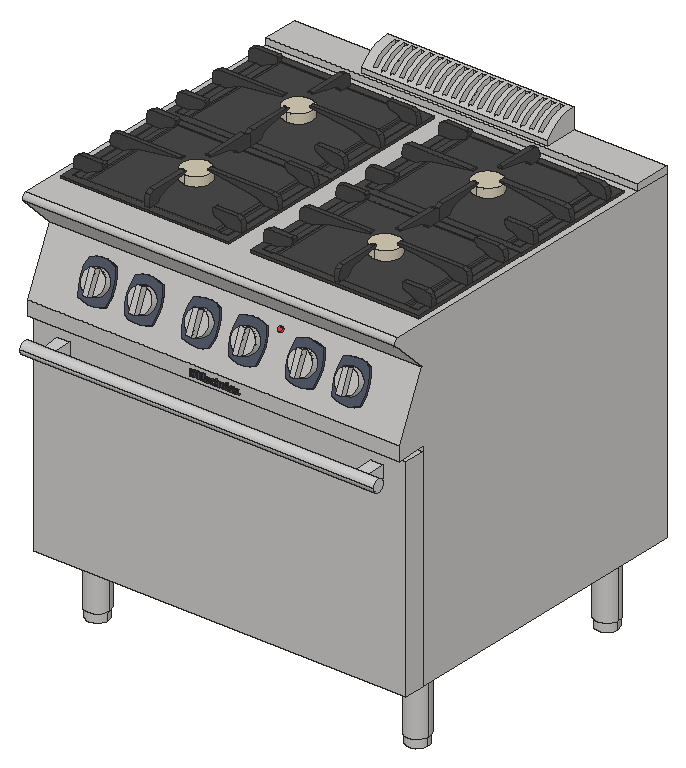
Revit family "QF_ELECTROLUXPROFESSIONAL_371169_E7GCGH4CEA", category Specialty Equipment, Revit 2018
Family settings
  Round Connector Dimension = Use Diameter
  Part Type = Normal
  Work Plane-Based = No
  Always vertical = Yes
  Cut with Voids When Loaded = No
  Shared = No
  Room Calculation Point = No
Parameters (values of type "Standard")
  Weight = 80.00 kg
  Watts = 0 W
  Volts = 380 V
  URL Manufacturer = "http://professional.electrolux.com"
  URL = "http://professional.electrolux.com"
  Steam Supply Size = 0"
  Steam Supply Minimum Pressure = 0.00 psi
  Steam Supply Maximum Pressure = 0.00 psi
  Steam Pounds per Hour = 0
  Show Logo [instance] = yes
  Show Clearance [instance] = yes
  Refrigeration Suction Line Size = 0 mm
  Refrigeration Liquid Line Size = 0 mm
  Refrigerant Compressor Remote = yes
  Phase = 3
  Model = "E7GCGH4CEA"
  Manufacturer = "Electrolux Professional"
  Length Actual = 800 mm  # constant formula
  Item Number = "371169"
  Hot Water Size = 0"
  Height Actual = 850 mm  # constant formula
  HP = "8 HP"
  Gas Size = 1/2"
  Gas KW = 22
  Gas Input Pressure = 0.738606 Btu/h
  Direct Waste Size = 0"
  Description = "4-BURNER GAS RANGE+ELECTR.OVEN 800MM-AUS"
  Depth Actual = 730 mm  # constant formula
  Cycle = 50 Hz
  Condensate Return Size = 0"
  Compressed Air Volume = 0 GPM
  Compressed Air Size = 0"
  Compressed Air Pressure = 0.00 psi
  Cold Water Size = 0"
  Assembly Code = ""
  Accessory = yes
Reference planes
  plane 1 "BACK": y = 0
  plane 2: z = 0
  plane 3 "LEFT": x = 0
  plane 4 "RIGHT": x = 800
  plane 5 "FRONT": y = -700
  plane 6 "TOP": z = 908.9
  plane 7 "Center Y": x = 400
  plane 8 "Center X": y = -350
  plane 9 "Base": z = 150
  plane 10: z = 850.9
  plane 11: y = -730.129
  plane 12: y = -1109
Forms (mm)
  Revolve 1, solid, material "QF_Finishes_Stainless Steel"
    sketch origin (1, -90, 0) x (1, 0, 0) y (0, 0, 1)
      loop
        line (55, 0) -> (55, 150) -> (29.6, 150) -> (29.6, 19.05) -> (32.1, 19.05) -> (32.1, 0) -> (55, 0)
      axis (55, 0) -> (55, 150)
    angle from 0 to 360
  Revolve 2, solid, material "QF_Finishes_Stainless Steel"
    sketch origin (1, -599.588, 0) x (1, 0, 0) y (0, 0, 1)
      loop
        line (55, 0) -> (55, 150) -> (29.6, 150) -> (29.6, 19.05) -> (32.1, 19.05) -> (32.1, 0) -> (55, 0)
      axis (55, 0) -> (55, 150)
    angle from 0 to 360
  Revolve 3, solid, material "QF_Finishes_Stainless Steel"
    sketch origin (799, -90, 0) x (-1, 0, 0) y (0, 0, -1)
      loop
        line (55, 0) -> (32.1, 0) -> (32.1, -19.05) -> (29.6, -19.05) -> (29.6, -150) -> (55, -150) -> (55, 0)
      axis (55, 0) -> (55, -150)
    angle from 0 to 360
  Revolve 4, solid, material "QF_Finishes_Stainless Steel"
    sketch origin (799, -599.588, 0) x (-1, 0, 0) y (0, 0, -1)
      loop
        line (55, 0) -> (32.1, 0) -> (32.1, -19.05) -> (29.6, -19.05) -> (29.6, -150) -> (55, -150) -> (55, 0)
      axis (55, 0) -> (55, -150)
    angle from 0 to 360
  Extrusion 5, solid, material "QF_Finishes_Stainless Steel"
    sketch origin (0, 0, 576.213) x (0, 1, 0) y (0, 0, 1)
      loop
        line (0, -426.213) -> (0, 274.687) -> (-721.5, 274.687)
        arc (-721.5, 274.687) -> (-729.472, 269.36) -> (-727.602, 259.956) r 8.63
        line (-727.602, 259.956) -> (-658.266, 190.62) -> (-715.962, 65.264) -> (-715.962, 33.966) -> (-655.839, 38.662)
        arc (-655.839, 38.662) -> (-653.314, 37.914) -> (-652.222, 35.518) r 3.175
        line (-652.222, 35.518) -> (-652.222, -426.213) -> (0, -426.213)
    from 0 to 800
  Extrusion 6, solid, material "QF_Finishes_Stainless Steel"
    sketch origin (0, -652.222, 611.731) x (0, 0, -1) y (1, 0, 0)
      loop
        line (461.731, 0) -> (461.731, 800) -> (9.61, 800) -> (9.61, 0) -> (461.731, 0)
    from 3.175 to 47.778
  Extrusion 7, solid, material "QF_Finishes_Handrails and Railings"
    sketch origin (0, 0, 0) x (0, 1, 0) y (0, 0, 1)
      loop
        line (-700, 580.001) -> (-738.678, 577.296)
        arc (-738.678, 577.296) -> (-739.871, 563.489) -> (-752.981, 558.993) r 12.7
        arc (-752.981, 558.993) -> (-752.44, 558.176) -> (-751.841, 557.401) r 13.441
        arc (-751.841, 557.401) -> (-750.036, 555.955) -> (-747.808, 555.335) r 5.77
        line (-747.808, 555.335) -> (-700, 551.992) -> (-700, 580.001)
    from 50.8 to 76.2
  Extrusion 8, solid, material "QF_Finishes_Handrails and Railings"
    sketch origin (800, 0, 0) x (0, 1, 0) y (0, 0, -1)
      loop
        line (-700, -580.001) -> (-700, -551.992) -> (-747.808, -555.335)
        arc (-747.808, -555.335) -> (-750.036, -555.955) -> (-751.841, -557.401) r 5.77
        arc (-751.841, -557.401) -> (-752.44, -558.176) -> (-752.981, -558.993) r 13.441
        arc (-752.981, -558.993) -> (-739.871, -563.489) -> (-738.678, -577.296) r 12.7
        line (-738.678, -577.296) -> (-700, -580.001)
    from 50.8 to 76.2
  Extrusion 9, solid, material "QF_Finishes_Handrails and Railings"
    sketch origin (0, 0, 0) x (0, 1, 0) y (0, 0, 1)
      loop
        circle (-749.878, 571.309) r 12.7
    from 19.875 to 780.125
  Extrusion 10, solid, material "QF_Finishes_Stainless Steel"
    sketch origin (0, 0, 576.213) x (0, 1, 0) y (0, 0, 1)
      loop
        line (0, 274.687) -> (0, 288.975) -> (-76.2, 288.975) -> (-76.2, 274.687) -> (0, 274.687)
    from 0 to 800
  Extrusion 11, solid, material "QF_Finishes_Navy Blue"
    sketch origin (7.744, -713.772, 646.186) x (0, 0.418102, 0.9084) y (-1, 0, 0)
      loop
        arc (102.623, -190.47) -> (67.041, -182.846) -> (31.333, -189.853) r 90.5
        arc (31.333, -189.853) -> (24.507, -219.04) -> (31.333, -248.228) r 65.817
        arc (31.333, -248.228) -> (67.04, -255.188) -> (102.623, -247.615) r 91.066
        arc (102.623, -247.615) -> (109.179, -219.043) -> (102.623, -190.47) r 65.546
      loop
        arc (102.623, -90.47) -> (67.041, -82.846) -> (31.333, -89.853) r 90.5
        arc (31.333, -89.853) -> (24.507, -119.04) -> (31.333, -148.228) r 65.817
        arc (31.333, -148.228) -> (67.04, -155.188) -> (102.623, -147.615) r 91.066
        arc (102.623, -147.615) -> (109.179, -119.043) -> (102.623, -90.47) r 65.546
      loop
        arc (102.623, -594.043) -> (109.179, -565.47) -> (102.623, -536.897) r 65.546
        arc (102.623, -536.897) -> (67.04, -529.324) -> (31.333, -536.284) r 91.066
        arc (31.333, -536.284) -> (24.507, -565.472) -> (31.333, -594.66) r 65.817
        arc (31.333, -594.66) -> (67.041, -601.667) -> (102.623, -594.043) r 90.5
      loop
        arc (102.623, -694.043) -> (109.179, -665.47) -> (102.623, -636.897) r 65.546
        arc (102.623, -636.897) -> (67.04, -629.324) -> (31.333, -636.284) r 91.066
        arc (31.333, -636.284) -> (24.507, -665.472) -> (31.333, -694.66) r 65.817
        arc (31.333, -694.66) -> (67.041, -701.667) -> (102.623, -694.043) r 90.5
      loop
        arc (102.623, -413.686) -> (67.041, -406.061) -> (31.333, -413.069) r 90.5
        arc (31.333, -413.069) -> (24.507, -442.256) -> (31.333, -471.444) r 65.817
        arc (31.333, -471.444) -> (67.04, -478.404) -> (102.623, -470.831) r 91.066
        arc (102.623, -470.831) -> (109.179, -442.259) -> (102.623, -413.686) r 65.546
      loop
        arc (102.623, -313.686) -> (67.041, -306.061) -> (31.333, -313.069) r 90.5
        arc (31.333, -313.069) -> (24.507, -342.256) -> (31.333, -371.444) r 65.817
        arc (31.333, -371.444) -> (67.04, -378.404) -> (102.623, -370.831) r 91.066
        arc (102.623, -370.831) -> (109.179, -342.259) -> (102.623, -313.686) r 65.546
    from 0 to 3.175
  Extrusion 12, solid, material "QF_Finishes_Stainless Steel"
    sketch origin (386.494, -717.485, 645.711) x (0, 0.418102, 0.9084) y (-1, 0, 0)
      loop
        circle (68.826, 159.037) r 25.4
      loop
        circle (68.826, 259.037) r 25.4
      loop
        circle (68.826, -186.049) r 25.4
      loop
        circle (68.826, -286.049) r 25.4
      loop
        circle (68.826, -63.463) r 25.4
      loop
        circle (68.826, 36.537) r 25.4
    from 0 to 12.7
  Extrusion 13, solid, material "QF_Finishes_Stainless Steel"
    sketch origin (0, 0, 150) x (-1, 0, 0) y (0, -1, 0)
      loop
        circle (-747.612, 464) r 6.35
    from -8.815 to 7.722
  Extrusion 14, solid, material "QF_Finishes_Door Clearance", visible <- "Show Clearance", detail levels coarse
    sketch origin (0, 0, 0) x (0, 1, 0) y (0, 0, 1)
      loop
        line (-1109, 150) -> (-700, 150) -> (-700, 601.405)
        arc (-700, 601.405) -> (-991.543, 454.568) -> (-1109, 150) r 453.603
    from 0 to 800
  Extrusion 15, solid, material "QF_Finishes_Clearance", visible <- "Show Clearance", detail levels coarse
    sketch origin (0, 0, 0) x (1, 0, 0) y (0, 1, 0)
      loop
        line (-150, -730.129) -> (0, -730.129) -> (0, 0) -> (800, 0) -> (800, -730.129) -> (950, -730.129) -> (950, 150) -> (-150, 150) -> (-150, -730.129)
    from 0 to 908.85
  Extrusion 16, solid, material "QF_Finishes_Stainless Steel"
    sketch origin (66.494, -729.022, 651.021) x (0, 0.418102, 0.9084) y (-1, 0, 0)
      loop
        arc (93.558, -166.749) -> (94.226, -160.963) -> (93.558, -155.177) r 25.4
        line (93.558, -155.177) -> (44.094, -155.177)
        arc (44.094, -155.177) -> (43.426, -160.963) -> (44.094, -166.749) r 25.4
        line (44.094, -166.749) -> (93.558, -166.749)
    from 0 to 12.7
  Extrusion 17, solid, material "QF_Finishes_Stainless Steel"
    sketch origin (-33.506, -729.022, 651.021) x (0, 0.418102, 0.9084) y (-1, 0, 0)
      loop
        arc (93.558, -166.749) -> (94.226, -160.963) -> (93.558, -155.177) r 25.4
        line (93.558, -155.177) -> (44.094, -155.177)
        arc (44.094, -155.177) -> (43.426, -160.963) -> (44.094, -166.749) r 25.4
        line (44.094, -166.749) -> (93.558, -166.749)
    from 0 to 12.7
  Extrusion 18, void
    sketch origin (-65.011, 0, 865.138) x (-1, 0, 0) y (0, -1, 0)
      loop
        line (-295.005, 6.761) -> (-285.709, 6.761) -> (-285.709, 63.911) -> (-295.005, 63.911) -> (-295.005, 6.761)
      loop
        line (-313.697, 6.761) -> (-304.401, 6.761) -> (-304.401, 63.911) -> (-313.697, 63.911) -> (-313.697, 6.761)
      loop
        line (-332.39, 6.761) -> (-323.094, 6.761) -> (-323.094, 63.911) -> (-332.39, 63.911) -> (-332.39, 6.761)
      loop
        line (-351.082, 6.761) -> (-341.787, 6.761) -> (-341.787, 63.911) -> (-351.082, 63.911) -> (-351.082, 6.761)
      loop
        line (-369.775, 6.761) -> (-360.479, 6.761) -> (-360.479, 63.911) -> (-369.775, 63.911) -> (-369.775, 6.761)
      loop
        line (-388.468, 6.761) -> (-379.172, 6.761) -> (-379.172, 63.911) -> (-388.468, 63.911) -> (-388.468, 6.761)
      loop
        line (-407.16, 6.761) -> (-397.864, 6.761) -> (-397.864, 63.911) -> (-407.16, 63.911) -> (-407.16, 6.761)
      loop
        line (-425.853, 6.761) -> (-416.557, 6.761) -> (-416.557, 63.911) -> (-425.853, 63.911) -> (-425.853, 6.761)
      loop
        line (-444.545, 6.761) -> (-435.25, 6.761) -> (-435.25, 63.911) -> (-444.545, 63.911) -> (-444.545, 6.761)
      loop
        line (-463.238, 6.761) -> (-453.942, 6.761) -> (-453.942, 63.911) -> (-463.238, 63.911) -> (-463.238, 6.761)
      loop
        line (-481.931, 6.761) -> (-472.635, 6.761) -> (-472.635, 63.911) -> (-481.931, 63.911) -> (-481.931, 6.761)
      loop
        line (-500.623, 6.761) -> (-491.328, 6.761) -> (-491.328, 63.911) -> (-500.623, 63.911) -> (-500.623, 6.761)
      loop
        line (-519.316, 6.761) -> (-510.02, 6.761) -> (-510.02, 63.911) -> (-519.316, 63.911) -> (-519.316, 6.761)
      loop
        line (-538.008, 6.761) -> (-528.713, 6.761) -> (-528.713, 63.911) -> (-538.008, 63.911) -> (-538.008, 6.761)
      loop
        line (-556.701, 6.761) -> (-547.405, 6.761) -> (-547.405, 63.911) -> (-556.701, 63.911) -> (-556.701, 6.761)
      loop
        line (-575.394, 6.761) -> (-566.098, 6.761) -> (-566.098, 63.911) -> (-575.394, 63.911) -> (-575.394, 6.761)
      loop
        line (-594.086, 6.761) -> (-584.791, 6.761) -> (-584.791, 63.911) -> (-594.086, 63.911) -> (-594.086, 6.761)
      loop
        line (-612.779, 6.761) -> (-603.483, 6.761) -> (-603.483, 63.911) -> (-612.779, 63.911) -> (-612.779, 6.761)
      loop
        line (-631.472, 6.761) -> (-622.176, 6.761) -> (-622.176, 63.911) -> (-631.472, 63.911) -> (-631.472, 6.761)
      loop
        line (-650.164, 6.761) -> (-640.868, 6.761) -> (-640.868, 63.911) -> (-650.164, 63.911) -> (-650.164, 6.761)
    from 9.525 to 45.348
  Extrusion 19, solid, material "QF_Finishes_Stainless Steel"
    sketch origin (-200, 0, 590.5) x (0, 1, 0) y (0, 0, 1)
      loop
        line (0, 274.688) -> (0, 318.4)
        arc (0, 318.4) -> (-39.072, 309.779) -> (-69.85, 284.212) r 84.854
        line (-69.85, 284.212) -> (-69.85, 274.688) -> (0, 274.688)
    from 400 to 800
  Extrusion 20, solid, material "QF_Finishes_Stainless Steel"
    sketch origin (733.506, -729.022, 651.021) x (0, 0.418102, 0.9084) y (-1, 0, 0)
      loop
        line (93.558, 166.749) -> (44.094, 166.749)
        arc (44.094, 166.749) -> (43.426, 160.963) -> (44.094, 155.177) r 25.4
        line (44.094, 155.177) -> (93.558, 155.177)
        arc (93.558, 155.177) -> (94.226, 160.963) -> (93.558, 166.749) r 25.4
    from 0 to 12.7
  Extrusion 21, solid, material "QF_Finishes_Stainless Steel"
    sketch origin (833.506, -729.022, 651.021) x (0, 0.418102, 0.9084) y (-1, 0, 0)
      loop
        line (93.558, 166.749) -> (44.094, 166.749)
        arc (44.094, 166.749) -> (43.426, 160.963) -> (44.094, 155.177) r 25.4
        line (44.094, 155.177) -> (93.558, 155.177)
        arc (93.558, 155.177) -> (94.226, 160.963) -> (93.558, 166.749) r 25.4
    from 0 to 12.7
  Extrusion 22, solid, material "QF_Finishes_Stainless Steel"
    sketch origin (288.994, -729.022, 651.021) x (0, 0.418102, 0.9084) y (-1, 0, 0)
      loop
        arc (93.558, -166.749) -> (94.226, -160.963) -> (93.558, -155.177) r 25.4
        line (93.558, -155.177) -> (44.094, -155.177)
        arc (44.094, -155.177) -> (43.426, -160.963) -> (44.094, -166.749) r 25.4
        line (44.094, -166.749) -> (93.558, -166.749)
    from 0 to 12.7
  Extrusion 23, solid, material "QF_Finishes_Stainless Steel"
    sketch origin (188.994, -729.022, 651.021) x (0, 0.418102, 0.9084) y (-1, 0, 0)
      loop
        arc (93.558, -166.749) -> (94.226, -160.963) -> (93.558, -155.177) r 25.4
        line (93.558, -155.177) -> (44.094, -155.177)
        arc (44.094, -155.177) -> (43.426, -160.963) -> (44.094, -166.749) r 25.4
        line (44.094, -166.749) -> (93.558, -166.749)
    from 0 to 12.7
  Extrusion 24, solid, material "QF_Finishes_Red"
    sketch origin (0, -658.266, 766.833) x (0, -0.418102, -0.9084) y (1, 0, 0)
      loop
        circle (27.385, 506.659) r 5
    from 0 to 1.6
  Extrusion 25, solid, material "QF_Finishes_Stainless Steel"
    sketch origin (0, -50, 150) x (-1, 0, 0) y (0, -1, 0)
      loop
        circle (-747.612, 464) r 3.175
    from -1.912 to 7.722
  Extrusion 26, solid, material "QF_Finishes_Navy Blue", visible <- "Show Logo"
    sketch origin (61.109, -715.962, 610.773) x (0, 0, 1) y (-1, 0, 0)
      loop
        line (20.674, -296.698) -> (8.307, -296.698)
        arc (8.307, -296.698) -> (14.491, -301.27) -> (20.674, -296.698) r 6.467
      loop
        arc (20.674, -296.069) -> (19.505, -290.926) -> (14.849, -288.448) r 6.338
        line (14.849, -288.448) -> (14.849, -290.494)
        arc (14.849, -290.494) -> (16.333, -294.149) -> (19.778, -296.069) r 5.941
        line (19.778, -296.069) -> (20.674, -296.069)
      loop
        arc (9.203, -296.069) -> (12.648, -294.149) -> (14.132, -290.494) r 5.941
        line (14.132, -290.494) -> (14.132, -288.448)
        arc (14.132, -288.448) -> (9.438, -290.922) -> (8.148, -296.069) r 6.504
        line (8.148, -296.069) -> (9.203, -296.069)
      loop
        line (21.349, -287.979) -> (7.604, -287.979) -> (7.604, -301.742) -> (21.349, -301.742) -> (21.349, -287.979)
      loop
        arc (21.432, -304.71) -> (21.085, -304.352) -> (20.718, -304.69) r 0.358
        arc (20.718, -304.69) -> (20.404, -305.44) -> (19.687, -305.825) r 1.216
        line (19.687, -305.825) -> (9.274, -305.825)
        arc (9.274, -305.825) -> (8.614, -305.548) -> (8.218, -304.951) r 1.238
        arc (8.218, -304.951) -> (7.823, -304.7) -> (7.518, -305.054) r 0.358
        line (7.518, -305.054) -> (7.518, -314.933) -> (10.269, -314.933) -> (10.269, -314.036)
        arc (10.269, -314.036) -> (9.36, -313.456) -> (8.904, -312.479) r 1.928
        line (8.904, -312.479) -> (8.904, -309.98)
        arc (8.904, -309.98) -> (9.18, -309.251) -> (9.868, -308.887) r 1.101
        line (9.868, -308.887) -> (13.955, -308.887) -> (13.955, -312.561)
        arc (13.955, -312.561) -> (13.602, -313.058) -> (13.037, -313.286) r 1.083
        arc (13.037, -313.286) -> (12.773, -313.591) -> (13.065, -313.869) r 0.292
        line (13.065, -313.869) -> (16.028, -313.869)
        arc (16.028, -313.869) -> (16.33, -313.596) -> (16.092, -313.266) r 0.305
        arc (16.092, -313.266) -> (15.601, -313.018) -> (15.296, -312.561) r 1.083
        line (15.296, -312.561) -> (15.296, -308.887) -> (19.973, -308.887) -> (19.973, -312.635)
        arc (19.973, -312.635) -> (19.759, -313.39) -> (19.153, -313.888) r 1.314
        arc (19.153, -313.888) -> (18.934, -314.292) -> (19.288, -314.585) r 0.361
        line (19.288, -314.585) -> (21.432, -314.585) -> (21.432, -304.71)
      loop
        arc (20.715, -315.365) -> (20.335, -316.284) -> (19.416, -316.664) r 1.299
        line (19.416, -316.664) -> (9.837, -316.664)
        arc (9.837, -316.664) -> (8.999, -316.286) -> (8.728, -315.408) r 1.118
        line (8.728, -315.408) -> (7.518, -315.408) -> (7.518, -320.758) -> (8.706, -320.758)
        arc (8.706, -320.758) -> (8.978, -319.841) -> (9.848, -319.445) r 1.153
        line (9.848, -319.445) -> (21.92, -319.445) -> (20.715, -315.365)
      loop
        line (12.483, -323.394) -> (12.483, -329.842) -> (13.282, -329.842)
        arc (13.282, -329.842) -> (15.862, -328.857) -> (17.131, -326.404) r 3.874
        line (17.131, -326.404) -> (17.131, -324.643)
        arc (17.131, -324.643) -> (15.944, -321.778) -> (13.08, -320.592) r 4.051
        line (13.08, -320.592) -> (11.072, -320.592)
        arc (11.072, -320.592) -> (8.253, -322.077) -> (7.202, -325.084) r 4.352
        arc (7.202, -325.084) -> (7.566, -327.547) -> (8.943, -329.621) r 5.713
        line (8.943, -329.621) -> (9.892, -329.621)
        arc (9.892, -329.621) -> (9.16, -328.052) -> (8.943, -326.334) r 5.579
        arc (8.943, -326.334) -> (9.737, -324.371) -> (11.616, -323.394) r 3.057
        line (11.616, -323.394) -> (12.483, -323.394)
      loop
        line (13.742, -323.394) -> (13.742, -326.977)
        arc (13.742, -326.977) -> (15.199, -327.024) -> (16.082, -325.864) r 1.59
        line (16.082, -325.864) -> (16.082, -325.034)
        arc (16.082, -325.034) -> (15.217, -323.779) -> (13.742, -323.394) r 2.184
      loop
        arc (16.533, -339.259) -> (17.022, -337.585) -> (17.179, -335.848) r 9.023
        line (17.179, -335.848) -> (17.179, -334.486)
        arc (17.179, -334.486) -> (16.02, -331.686) -> (13.22, -330.527) r 3.959
        line (13.22, -330.527) -> (10.62, -330.527)
        arc (10.62, -330.527) -> (8.338, -331.819) -> (7.221, -334.192) r 4.331
        line (7.221, -334.192) -> (7.221, -336.327)
        arc (7.221, -336.327) -> (7.729, -337.877) -> (8.651, -339.223) r 5.772
        arc (8.651, -339.223) -> (9.412, -339.274) -> (9.499, -338.515) r 0.553
        arc (9.499, -338.515) -> (9.111, -337.781) -> (8.977, -336.962) r 2.573
        line (8.977, -336.962) -> (8.977, -335.447)
        arc (8.977, -335.447) -> (9.983, -333.806) -> (11.798, -333.163) r 2.884
        line (11.798, -333.163) -> (13.077, -333.163)
        arc (13.077, -333.163) -> (14.898, -333.723) -> (15.824, -335.388) r 2.554
        line (15.824, -335.388) -> (15.824, -336.441)
        arc (15.824, -336.441) -> (15.493, -337.369) -> (14.836, -338.104) r 2.564
        arc (14.836, -338.104) -> (14.614, -338.821) -> (15.223, -339.259) r 0.643
        line (15.223, -339.259) -> (16.533, -339.259)
      loop
        line (15.515, -339.53) -> (15.515, -341.031) -> (9.467, -341.031)
        arc (9.467, -341.031) -> (7.879, -341.688) -> (7.221, -343.276) r 2.246
        line (7.221, -343.276) -> (7.221, -344.86)
        arc (7.221, -344.86) -> (7.535, -345.725) -> (8.035, -346.496) r 4.06
        arc (8.035, -346.496) -> (8.768, -346.629) -> (9.019, -345.928) r 0.576
        arc (9.019, -345.928) -> (8.913, -345.403) -> (8.977, -344.87) r 1.69
        arc (8.977, -344.87) -> (9.519, -344.082) -> (10.425, -343.779) r 1.506
        line (10.425, -343.779) -> (15.563, -343.779) -> (15.563, -346.176) -> (16.119, -346.733) -> (16.941, -346.733) -> (16.941, -343.873) -> (20.172, -343.873) -> (15.515, -339.53)
      loop
        line (7.438, -347.63) -> (7.438, -353.017) -> (8.548, -353.017)
        arc (8.548, -353.017) -> (8.942, -352.066) -> (9.893, -351.672) r 1.345
        line (9.893, -351.672) -> (13.509, -351.672)
        arc (13.509, -351.672) -> (14.274, -352.264) -> (14.564, -353.186) r 1.615
        line (14.564, -353.186) -> (14.564, -354.742) -> (17.119, -355.427) -> (17.119, -354.044) -> (15.177, -351.485) -> (17.057, -351.485) -> (16.773, -348.779)
        arc (16.773, -348.779) -> (16.333, -348.249) -> (15.674, -348.45) r 0.621
        arc (15.674, -348.45) -> (15.274, -348.792) -> (14.78, -348.975) r 1.501
        line (14.78, -348.975) -> (9.893, -348.975)
        arc (9.893, -348.975) -> (8.942, -348.581) -> (8.548, -347.63) r 1.345
        line (8.548, -347.63) -> (7.438, -347.63)
      loop
        line (13.54, -354.964) -> (10.848, -354.964)
        arc (10.848, -354.964) -> (8.403, -356.272) -> (7.269, -358.803) r 4.288
        arc (7.269, -358.803) -> (7.205, -360.183) -> (7.269, -361.563) r 15.022
        arc (7.269, -361.563) -> (8.403, -364.094) -> (10.848, -365.401) r 4.288
        line (10.848, -365.401) -> (13.54, -365.401)
        arc (13.54, -365.401) -> (15.986, -364.094) -> (17.119, -361.563) r 4.288
        arc (17.119, -361.563) -> (17.183, -360.183) -> (17.119, -358.803) r 15.022
        arc (17.119, -358.803) -> (15.986, -356.272) -> (13.54, -354.964) r 4.288
      loop
        line (13.745, -358.078) -> (10.643, -358.078)
        arc (10.643, -358.078) -> (8.486, -360.235) -> (10.643, -362.392) r 2.157
        line (10.643, -362.392) -> (13.745, -362.392)
        arc (13.745, -362.392) -> (15.902, -360.235) -> (13.745, -358.078) r 2.157
      loop
        arc (20.726, -365.26) -> (20.355, -366.154) -> (19.461, -366.524) r 1.264
        line (19.461, -366.524) -> (9.597, -366.524)
        arc (9.597, -366.524) -> (8.727, -366.127) -> (8.455, -365.211) r 1.153
        line (8.455, -365.211) -> (7.518, -365.211) -> (7.518, -370.319) -> (8.446, -370.319)
        arc (8.446, -370.319) -> (8.805, -369.547) -> (9.597, -369.232) r 1.153
        line (9.597, -369.232) -> (21.92, -369.232) -> (20.726, -365.26)
      loop
        arc (15.846, -369.857) -> (15.647, -370.921) -> (14.678, -371.403) r 1.215
        line (14.678, -371.403) -> (9.658, -371.403)
        arc (9.658, -371.403) -> (8.043, -372.051) -> (7.322, -373.634) r 2.338
        line (7.322, -373.634) -> (7.322, -375.148)
        arc (7.322, -375.148) -> (7.497, -376.152) -> (7.999, -377.038) r 2.979
        line (7.999, -377.038) -> (7.518, -378.835) -> (7.518, -380.524) -> (16.943, -380.524) -> (16.649, -376.32) -> (15.863, -376.32)
        arc (15.863, -376.32) -> (15.507, -377.156) -> (14.755, -377.665) r 1.605
        line (14.755, -377.665) -> (9.652, -377.665)
        arc (9.652, -377.665) -> (9.232, -376.728) -> (9.159, -375.704) r 2.94
        arc (9.159, -375.704) -> (9.72, -374.603) -> (10.873, -374.16) r 1.724
        line (10.873, -374.16) -> (17.07, -374.16) -> (15.846, -369.857)
      loop
        line (16.874, -381.377) -> (15.202, -383.423) -> (12.028, -385.729) -> (8.572, -382.617)
        arc (8.572, -382.617) -> (8.335, -382.223) -> (8.357, -381.764) r 0.789
        line (8.357, -381.764) -> (7.518, -381.764) -> (7.518, -385.309) -> (8.344, -385.309)
        arc (8.344, -385.309) -> (8.686, -384.947) -> (9.176, -385.039) r 0.52
        line (9.176, -385.039) -> (10.976, -386.51) -> (8.858, -387.886)
        arc (8.858, -387.886) -> (8.457, -387.576) -> (8.37, -387.076) r 0.7
        line (8.37, -387.076) -> (7.518, -387.076) -> (7.518, -393.003) -> (8.405, -393.003)
        arc (8.405, -393.003) -> (8.472, -392.344) -> (8.866, -391.813) r 1.247
        line (8.866, -391.813) -> (13.066, -388.532) -> (15.513, -390.585) -> (16.874, -392.327) -> (16.874, -388.604) -> (15.389, -389.026) -> (13.868, -387.749) -> (15.568, -386.559) -> (16.874, -387.336) -> (16.874, -381.377)
    from 0 to 1.644
Cuts and joins
  Extrusion 18 cuts Extrusion 15
  Extrusion 18 cuts Extrusion 19
Lines and regions (mm)
  symbolic lines, style "QF-Door Swings"
    curve 1: line (0, -730.129, 150) -> (0, -1109, 150)
    curve 2: line (0, -1109, 150) -> (800, -1109, 150)
    curve 3: line (800, -1109, 150) -> (800, -730.129, 150)
  symbolic lines
    curve 4: line (800, -730.129, 150) -> (0, -730.129, 150)
    curve 5: line (0, 0, 150) -> (0, -730.129, 150)
    curve 6: line (0, -69.85, 150) -> (800, -69.85, 150)
    curve 7: line (0, -76.2, 150) -> (800, -76.2, 150)
    curve 8: line (800, -730.129, 150) -> (800, 0, 150)
    curve 9: line (0, 0, 150) -> (800, 0, 150)
    curve 13: line (50.8, -738.678, 150) -> (50.8, -730.129, 150)
    curve 14: line (76.2, -730.129, 150) -> (76.2, -738.678, 150)
    curve 15: line (19.875, -737.178, 150) -> (50.8, -737.178, 150)
    curve 16: line (19.875, -762.578, 150) -> (19.875, -737.178, 150)
    curve 17: line (780.125, -762.578, 150) -> (19.875, -762.578, 150)
    curve 18: line (780.125, -737.178, 150) -> (780.125, -762.578, 150)
    curve 19: line (749.2, -738.678, 150) -> (749.2, -730.129, 150)
    curve 20: line (723.8, -738.678, 150) -> (723.8, -730.129, 150)
    curve 21: line (723.8, -738.678, 150) -> (749.2, -738.678, 150)
    curve 22: line (50.8, -738.678, 150) -> (76.2, -738.678, 150)
    curve 23: line (76.2, -737.178, 150) -> (723.8, -737.178, 150)
    curve 24: line (749.2, -737.178, 150) -> (780.125, -737.178, 150)
    curve 25: line (229.994, -6.761, 150) -> (229.994, -63.911, 150)
    curve 26: line (229.994, -63.911, 150) -> (220.698, -63.911, 150)
    curve 27: line (220.698, -63.911, 150) -> (220.698, -6.761, 150)
    curve 28: line (220.698, -6.761, 150) -> (229.994, -6.761, 150)
    curve 29: line (435.612, -6.761, 150) -> (435.612, -63.911, 150)
    curve 30: line (435.612, -63.911, 150) -> (426.317, -63.911, 150)
    curve 31: line (426.317, -63.911, 150) -> (426.317, -6.761, 150)
    curve 32: line (426.317, -6.761, 150) -> (435.612, -6.761, 150)
    curve 33: line (416.92, -6.761, 150) -> (416.92, -63.911, 150)
    curve 34: line (416.92, -63.911, 150) -> (407.624, -63.911, 150)
    curve 35: line (407.624, -63.911, 150) -> (407.624, -6.761, 150)
    curve 36: line (407.624, -6.761, 150) -> (416.92, -6.761, 150)
    curve 37: line (398.227, -6.761, 150) -> (398.227, -63.911, 150)
    curve 38: line (398.227, -63.911, 150) -> (388.931, -63.911, 150)
    curve 39: line (388.931, -63.911, 150) -> (388.931, -6.761, 150)
    curve 40: line (388.931, -6.761, 150) -> (398.227, -6.761, 150)
    curve 41: line (379.534, -6.761, 150) -> (379.534, -63.911, 150)
    curve 42: line (379.534, -63.911, 150) -> (370.239, -63.911, 150)
    curve 43: line (370.239, -63.911, 150) -> (370.239, -6.761, 150)
    curve 44: line (370.239, -6.761, 150) -> (379.534, -6.761, 150)
    curve 45: line (360.842, -6.761, 150) -> (360.842, -63.911, 150)
    curve 46: line (360.842, -63.911, 150) -> (351.546, -63.911, 150)
    curve 47: line (351.546, -63.911, 150) -> (351.546, -6.761, 150)
    curve 48: line (351.546, -6.761, 150) -> (360.842, -6.761, 150)
    curve 49: line (342.149, -6.761, 150) -> (342.149, -63.911, 150)
    curve 50: line (342.149, -63.911, 150) -> (332.854, -63.911, 150)
    curve 51: line (332.854, -63.911, 150) -> (332.854, -6.761, 150)
    curve 52: line (332.854, -6.761, 150) -> (342.149, -6.761, 150)
    curve 53: line (323.457, -6.761, 150) -> (323.457, -63.911, 150)
    curve 54: line (323.457, -63.911, 150) -> (314.161, -63.911, 150)
    curve 55: line (314.161, -63.911, 150) -> (314.161, -6.761, 150)
    curve 56: line (314.161, -6.761, 150) -> (323.457, -6.761, 150)
    curve 57: line (304.764, -6.761, 150) -> (304.764, -63.911, 150)
    curve 58: line (304.764, -63.911, 150) -> (295.468, -63.911, 150)
    curve 59: line (295.468, -63.911, 150) -> (295.468, -6.761, 150)
    curve 60: line (295.468, -6.761, 150) -> (304.764, -6.761, 150)
    curve 61: line (286.071, -6.761, 150) -> (286.071, -63.911, 150)
    curve 62: line (286.071, -63.911, 150) -> (276.776, -63.911, 150)
    curve 63: line (276.776, -63.911, 150) -> (276.776, -6.761, 150)
    curve 64: line (276.776, -6.761, 150) -> (286.071, -6.761, 150)
    curve 65: line (267.379, -6.761, 150) -> (267.379, -63.911, 150)
    curve 66: line (267.379, -63.911, 150) -> (258.083, -63.911, 150)
    curve 67: line (258.083, -63.911, 150) -> (258.083, -6.761, 150)
    curve 68: line (258.083, -6.761, 150) -> (267.379, -6.761, 150)
    curve 69: line (248.686, -6.761, 150) -> (248.686, -63.911, 150)
    curve 70: line (248.686, -63.911, 150) -> (239.39, -63.911, 150)
    curve 71: line (239.39, -63.911, 150) -> (239.39, -6.761, 150)
    curve 72: line (239.39, -6.761, 150) -> (248.686, -6.761, 150)
    curve 73: line (585.153, -6.761, 150) -> (585.153, -63.911, 150)
    curve 74: line (585.153, -63.911, 150) -> (575.857, -63.911, 150)
    curve 75: line (575.857, -63.911, 150) -> (575.857, -6.761, 150)
    curve 76: line (575.857, -6.761, 150) -> (585.153, -6.761, 150)
    curve 77: line (566.461, -6.761, 150) -> (566.461, -63.911, 150)
    curve 78: line (566.461, -63.911, 150) -> (557.165, -63.911, 150)
    curve 79: line (557.165, -63.911, 150) -> (557.165, -6.761, 150)
    curve 80: line (557.165, -6.761, 150) -> (566.461, -6.761, 150)
    curve 81: line (547.768, -6.761, 150) -> (547.768, -63.911, 150)
    curve 82: line (547.768, -63.911, 150) -> (538.472, -63.911, 150)
    curve 83: line (538.472, -63.911, 150) -> (538.472, -6.761, 150)
    curve 84: line (538.472, -6.761, 150) -> (547.768, -6.761, 150)
    curve 85: line (529.075, -6.761, 150) -> (529.075, -63.911, 150)
    curve 86: line (529.075, -63.911, 150) -> (519.78, -63.911, 150)
    curve 87: line (519.78, -63.911, 150) -> (519.78, -6.761, 150)
    curve 88: line (519.78, -6.761, 150) -> (529.075, -6.761, 150)
    curve 89: line (510.383, -6.761, 150) -> (510.383, -63.911, 150)
    curve 90: line (510.383, -63.911, 150) -> (501.087, -63.911, 150)
    curve 91: line (501.087, -63.911, 150) -> (501.087, -6.761, 150)
    curve 92: line (501.087, -6.761, 150) -> (510.383, -6.761, 150)
    curve 93: line (491.69, -6.761, 150) -> (491.69, -63.911, 150)
    curve 94: line (491.69, -63.911, 150) -> (482.394, -63.911, 150)
    curve 95: line (482.394, -63.911, 150) -> (482.394, -6.761, 150)
    curve 96: line (482.394, -6.761, 150) -> (491.69, -6.761, 150)
    curve 97: line (472.998, -6.761, 150) -> (472.998, -63.911, 150)
    curve 98: line (472.998, -63.911, 150) -> (463.702, -63.911, 150)
    curve 99: line (463.702, -63.911, 150) -> (463.702, -6.761, 150)
    curve 100: line (463.702, -6.761, 150) -> (472.998, -6.761, 150)
    curve 101: line (454.305, -6.761, 150) -> (454.305, -63.911, 150)
    curve 102: line (454.305, -63.911, 150) -> (445.009, -63.911, 150)
    curve 103: line (445.009, -63.911, 150) -> (445.009, -6.761, 150)
    curve 104: line (445.009, -6.761, 150) -> (454.305, -6.761, 150)
    curve 105: line (200, -69.85, 150) -> (200, 0, 150)
    curve 106: line (600, -69.85, 150) -> (600, 0, 150)
  symbolic lines, style "QF-Clearances", visible <- "Show Clearance", detail levels coarse
    curve 10: line (-150, -730.129, 150) -> (-150, 150, 150)
    curve 11: line (-150, 150, 150) -> (950, 150, 150)
    curve 12: line (950, 150, 150) -> (950, -730.129, 150)
Dimensions and locks
  equal spacing: plane 3 "LEFT", plane 7 "Center Y", plane 4 "RIGHT"
  plane 3 "LEFT" to plane 4 "RIGHT" = 800 mm
  equal spacing: plane 5 "FRONT", plane 8 "Center X", plane 1 "BACK"
  plane 5 "FRONT" to plane 1 "BACK" = 700 mm
  plane 6 "TOP" to level = 908.9 mm
  plane 9 "Base" to level = 150 mm
  plane 6 "TOP" to plane 10 = 58 mm  (x2)
  plane 1 "BACK" to plane 11 = 730.129 mm
  plane 1 "BACK" to plane 12 = 1109 mm
  aligned and locked: level to plane 2
Automatic sketch dimensions
  Revolve 1 sketch curve to plane 9 "Base" = 0 mm  (x2)
  Revolve 1 sketch curve to level = 0 mm
  plane 3 "LEFT" to Revolve 1 sketch curve = 30.6 mm
  Revolve 1 sketch curve to Revolve 1 sketch curve = 2.5 mm
  Revolve 1 sketch curve to Revolve 1 sketch curve = 25.4 mm
  Revolve 1 sketch curve to Revolve 1 sketch curve = 0 mm
  level to Revolve 1 sketch curve = 19.05 mm
  plane 9 "Base" to Revolve 1 sketch curve = 20 mm
  Revolve 2 sketch curve to plane 9 "Base" = 0 mm  (x2)
  Revolve 2 sketch curve to level = 0 mm
  plane 3 "LEFT" to Revolve 2 sketch curve = 30.6 mm
  Revolve 2 sketch curve to Revolve 2 sketch curve = 2.5 mm
  Revolve 2 sketch curve to Revolve 2 sketch curve = 25.4 mm
  Revolve 2 sketch curve to Revolve 2 sketch curve = 0 mm
  level to Revolve 2 sketch curve = 19.05 mm
  plane 9 "Base" to Revolve 2 sketch curve = 20 mm
  Revolve 3 sketch curve to plane 9 "Base" = 0 mm  (x2)
  Revolve 3 sketch curve to level = 0 mm
  Revolve 3 sketch curve to plane 4 "RIGHT" = 30.6 mm
  Revolve 3 sketch curve to Revolve 3 sketch curve = 2.5 mm
  Revolve 3 sketch curve to Revolve 3 sketch curve = 25.4 mm
  Revolve 3 sketch curve to Revolve 3 sketch curve = 0 mm
  plane 9 "Base" to Revolve 3 sketch curve = 20 mm
  level to Revolve 3 sketch curve = 19.05 mm
  Revolve 4 sketch curve to plane 9 "Base" = 0 mm  (x2)
  Revolve 4 sketch curve to level = 0 mm
  Revolve 4 sketch curve to plane 4 "RIGHT" = 30.6 mm
  Revolve 4 sketch curve to Revolve 4 sketch curve = 2.5 mm
  Revolve 4 sketch curve to Revolve 4 sketch curve = 25.4 mm
  Revolve 4 sketch curve to Revolve 4 sketch curve = 0 mm
  plane 9 "Base" to Revolve 4 sketch curve = 20 mm
  level to Revolve 4 sketch curve = 19.05 mm
  Extrusion 5 sketch curve to plane 10 = 0 mm
  Extrusion 5 sketch curve to plane 9 "Base" = 0 mm
  Extrusion 5 sketch curve to plane 1 "BACK" = 0 mm
  Extrusion 5 sketch curve to plane 5 "FRONT" = 47.778 mm
  Extrusion 5 sketch curve to Extrusion 5 sketch curve = 3.175 mm
  Extrusion 5 sketch curve to Extrusion 5 sketch curve = 0.442 mm
  Extrusion 5 sketch curve to plane 5 "FRONT" = 41.734 mm
  Extrusion 5 sketch curve to plane 11 = 14.167 mm
  Extrusion 5 sketch curve to plane 11 = 8.63 mm
  Extrusion 5 sketch curve to plane 11 = 2.528 mm
  Extrusion 5 sketch curve to plane 10 = 240.721 mm
  Extrusion 5 sketch curve to Extrusion 5 sketch curve = 1.552 mm
  Extrusion 5 sketch curve to Extrusion 5 sketch curve = 31.298 mm
  Extrusion 5 sketch curve to plane 10 = 84.067 mm
  Extrusion 5 sketch curve to plane 10 = 14.732 mm
  Extrusion 6 sketch curve to Extrusion 5 = 0 mm  (x2)
  Extrusion 5 to Extrusion 6 sketch curve = 0 mm
  Extrusion 5 to Extrusion 6 sketch curve = 9.61 mm
  Extrusion 7 sketch curve to plane 5 "FRONT" = 0 mm
  plane 11 to Extrusion 7 sketch curve = 8.549 mm
  plane 11 to Extrusion 7 sketch curve = 11.379 mm
  Extrusion 7 sketch curve to Extrusion 7 sketch curve = 5.898 mm
  Extrusion 7 sketch curve to Extrusion 7 sketch curve = 0.402 mm
  Extrusion 7 sketch curve to Extrusion 7 sketch curve = 8.37 mm
  Extrusion 7 sketch curve to Extrusion 7 sketch curve = 4.033 mm
  Extrusion 7 sketch curve to Extrusion 7 sketch curve = 0 mm  (x2)
  Extrusion 7 sketch curve to Extrusion 7 sketch curve = 1.139 mm
  Extrusion 7 sketch curve to plane 10 = 298.908 mm
  Extrusion 7 sketch curve to Extrusion 7 sketch curve = 3.343 mm
  Extrusion 7 sketch curve to Extrusion 7 sketch curve = 2.066 mm
  Extrusion 7 sketch curve to Extrusion 7 sketch curve = 5.312 mm
  Extrusion 7 sketch curve to Extrusion 7 sketch curve = 28.009 mm
  Extrusion 8 sketch curve to plane 5 "FRONT" = 0 mm
  plane 11 to Extrusion 8 sketch curve = 8.549 mm
  plane 11 to Extrusion 8 sketch curve = 11.379 mm
  Extrusion 8 sketch curve to Extrusion 8 sketch curve = 5.898 mm
  Extrusion 8 sketch curve to Extrusion 8 sketch curve = 0.402 mm
  Extrusion 8 sketch curve to Extrusion 8 sketch curve = 8.37 mm
  Extrusion 8 sketch curve to Extrusion 8 sketch curve = 4.033 mm
  Extrusion 8 sketch curve to Extrusion 8 sketch curve = 0 mm  (x2)
  Extrusion 8 sketch curve to Extrusion 8 sketch curve = 1.139 mm
  Extrusion 8 sketch curve to plane 10 = 270.899 mm
  Extrusion 8 sketch curve to Extrusion 8 sketch curve = 2.705 mm
  Extrusion 8 sketch curve to Extrusion 8 sketch curve = 5.987 mm
  Extrusion 8 sketch curve to Extrusion 8 sketch curve = 5.312 mm
  Extrusion 8 sketch curve to Extrusion 8 sketch curve = 28.009 mm
  plane 11 to Extrusion 9 sketch curve = 19.749 mm
  Extrusion 9 sketch curve to plane 10 = 279.591 mm
  Extrusion 10 sketch curve to plane 10 = 0 mm
  Extrusion 10 sketch curve to plane 1 "BACK" = 0 mm
  plane 10 to Extrusion 10 sketch curve = 14.288 mm
  Extrusion 10 sketch curve to Extrusion 10 sketch curve = 76.2 mm
  Extrusion 11 sketch curve to plane 7 "Center Y" = 20.812 mm
  Extrusion 11 sketch curve to Extrusion 11 sketch curve = 0 mm  (x16)
  plane 7 "Center Y" to Extrusion 11 sketch curve = 20.812 mm
  Extrusion 11 sketch curve to Extrusion 11 sketch curve = 12.3 mm  (x18)
  Extrusion 11 sketch curve to Extrusion 11 sketch curve = 34.925 mm  (x7)
  plane 7 "Center Y" to Extrusion 11 sketch curve = 4.302 mm
  Extrusion 11 sketch curve to plane 7 "Center Y" = 4.915 mm
  Extrusion 11 sketch curve to Extrusion 11 sketch curve = 46.691 mm  (x6)
  plane 7 "Center Y" to Extrusion 11 sketch curve = 21.43 mm
  Extrusion 11 sketch curve to plane 7 "Center Y" = 21.425 mm
  Extrusion 11 sketch curve to Extrusion 11 sketch curve = 14.612 mm
  Extrusion 11 sketch curve to Extrusion 11 sketch curve = 25.114 mm  (x3)
  Extrusion 11 sketch curve to Extrusion 11 sketch curve = 25.727 mm  (x2)
  Extrusion 11 sketch curve to Extrusion 11 sketch curve = 29.185 mm  (x5)
  Extrusion 11 sketch curve to Extrusion 11 sketch curve = 9.217 mm  (x2)
  Extrusion 11 sketch curve to Extrusion 11 sketch curve = 15.898 mm  (x2)
  Extrusion 11 sketch curve to Extrusion 11 sketch curve = 16.51 mm  (x2)
  Extrusion 11 sketch curve to Extrusion 11 sketch curve = 13.999 mm
  Extrusion 12 sketch curve to Extrusion 12 sketch curve = 0 mm  (x5)
  Extrusion 12 sketch curve to Extrusion 12 sketch curve = 100 mm  (x3)
  Extrusion 12 sketch curve to Extrusion 12 sketch curve = 122.586 mm
  Extrusion 12 sketch curve to Extrusion 12 sketch curve = 122.5 mm
  Extrusion 13 sketch curve to plane 4 "RIGHT" = 52.388 mm
  Extrusion 13 sketch curve to plane 8 "Center X" = 114 mm
  Extrusion 14 sketch curve to plane 9 "Base" = 0 mm
  Extrusion 14 sketch curve to plane 12 = 0 mm
  Extrusion 14 sketch curve to plane 5 "FRONT" = 0 mm
  Extrusion 14 sketch curve to Extrusion 14 sketch curve = 44.603 mm
  plane 11 to curve 12 = 0 mm
  curve 3 to plane 4 "RIGHT" = 0 mm
  plane 1 "BACK" to curve 9 = 0 mm
  curve 9 to plane 4 "RIGHT" = 0 mm
  plane 11 to curve 19 = 0 mm
  curve 1 to plane 3 "LEFT" = 0 mm
  curve 9 to plane 3 "LEFT" = 0 mm
  plane 11 to curve 10 = 0 mm
  plane 12 to curve 1 = 0 mm
  plane 4 "RIGHT" to curve 11 = 150 mm
  plane 11 to curve 18 = 7.049 mm
  curve 18 to plane 4 "RIGHT" = 19.875 mm
  curve 18 to curve 24 = 30.925 mm
  plane 11 to curve 23 = 7.049 mm
  curve 24 to curve 23 = 25.4 mm
  plane 1 "BACK" to curve 106 = 69.85 mm
  curve 106 to plane 4 "RIGHT" = 200 mm
  curve 106 to curve 73 = 14.847 mm
  curve 73 to curve 74 = 9.296 mm
  curve 74 to curve 78 = 9.397 mm
  curve 77 to curve 79 = 9.296 mm
  curve 78 to curve 81 = 9.397 mm
  curve 81 to curve 84 = 9.296 mm
  curve 82 to curve 86 = 9.397 mm
  curve 85 to curve 87 = 9.296 mm
  curve 86 to curve 90 = 9.397 mm
  curve 89 to curve 91 = 9.296 mm
  curve 90 to curve 93 = 9.397 mm
  curve 93 to curve 96 = 9.296 mm
  curve 94 to curve 98 = 9.397 mm
  curve 97 to curve 100 = 9.296 mm
  curve 99 to curve 104 = 9.397 mm
  curve 101 to curve 104 = 9.296 mm
  curve 103 to curve 29 = 9.397 mm
  curve 29 to curve 32 = 9.296 mm
  curve 31 to curve 33 = 9.397 mm
  plane 7 "Center Y" to curve 34 = 7.624 mm
  curve 37 to plane 7 "Center Y" = 1.773 mm
  curve 37 to curve 39 = 9.296 mm
  curve 39 to curve 44 = 9.397 mm
  curve 41 to curve 42 = 9.296 mm
  curve 42 to curve 45 = 9.397 mm
  curve 45 to curve 47 = 9.296 mm
  curve 47 to curve 49 = 9.397 mm
  curve 49 to curve 51 = 9.296 mm
  curve 51 to curve 53 = 9.397 mm
  curve 53 to curve 54 = 9.296 mm
  curve 55 to curve 57 = 9.397 mm
  curve 57 to curve 58 = 9.296 mm
  curve 59 to curve 64 = 9.397 mm
  curve 61 to curve 63 = 9.296 mm
  curve 63 to curve 65 = 9.397 mm
  curve 65 to curve 66 = 9.296 mm
  curve 67 to curve 72 = 9.397 mm
  curve 69 to curve 71 = 9.296 mm
  curve 71 to curve 28 = 9.397 mm
  curve 25 to curve 27 = 9.296 mm
  curve 27 to curve 105 = 20.698 mm
  plane 11 to curve 22 = 8.549 mm
  plane 3 "LEFT" to curve 22 = 76.2 mm
  plane 11 to curve 15 = 7.049 mm
  curve 23 to curve 15 = 25.4 mm
  plane 3 "LEFT" to curve 16 = 19.875 mm
  curve 11 to plane 3 "LEFT" = 150 mm
  curve 12 to plane 1 "BACK" = 150 mm
  plane 1 "BACK" to curve 101 = 6.761 mm
  plane 1 "BACK" to curve 81 = 6.761 mm
  plane 1 "BACK" to curve 100 = 6.761 mm
  plane 1 "BACK" to curve 80 = 6.761 mm
  plane 1 "BACK" to curve 96 = 6.761 mm
  plane 1 "BACK" to curve 76 = 6.761 mm
  plane 1 "BACK" to curve 92 = 6.761 mm
  plane 1 "BACK" to curve 72 = 6.761 mm
  plane 1 "BACK" to curve 88 = 6.761 mm
  plane 1 "BACK" to curve 68 = 6.761 mm
  plane 1 "BACK" to curve 25 = 6.761 mm
  plane 1 "BACK" to curve 64 = 6.761 mm
  plane 1 "BACK" to curve 29 = 6.761 mm
  plane 1 "BACK" to curve 60 = 6.761 mm
  plane 1 "BACK" to curve 33 = 6.761 mm
  plane 1 "BACK" to curve 56 = 6.761 mm
  plane 1 "BACK" to curve 37 = 6.761 mm
  plane 1 "BACK" to curve 52 = 6.761 mm
  plane 1 "BACK" to curve 41 = 6.761 mm
  plane 1 "BACK" to curve 48 = 6.761 mm
  curve 45 to curve 46 = 57.15 mm
  curve 45 to curve 42 = 0 mm
  curve 49 to curve 46 = 0 mm
  curve 41 to curve 39 = 0 mm
  curve 53 to curve 50 = 0 mm
  curve 37 to curve 35 = 0 mm
  curve 57 to curve 54 = 0 mm
  curve 33 to curve 31 = 0 mm
  curve 61 to curve 58 = 0 mm
  curve 27 to curve 105 = 5.939 mm
  curve 65 to curve 62 = 0 mm
  curve 85 to curve 86 = 57.15 mm
  curve 89 to curve 86 = 0 mm
  curve 69 to curve 66 = 0 mm
  curve 93 to curve 90 = 0 mm
  curve 73 to curve 106 = 5.939 mm
  curve 97 to curve 94 = 0 mm
  curve 77 to curve 74 = 0 mm
  curve 101 to curve 98 = 0 mm
  curve 81 to curve 78 = 0 mm
  curve 6 to curve 7 = 6.35 mm
  curve 24 to curve 19 = 1.5 mm
  curve 15 to curve 17 = 25.4 mm
  plane 11 to Extrusion 15 sketch curve = 0 mm  (x2)
  Extrusion 15 sketch curve to plane 3 "LEFT" = 0 mm
  plane 1 "BACK" to Extrusion 15 sketch curve = 0 mm
  Extrusion 15 sketch curve to plane 4 "RIGHT" = 0 mm
  Extrusion 15 sketch curve to plane 3 "LEFT" = 150 mm
  plane 4 "RIGHT" to Extrusion 15 sketch curve = 150 mm
  Extrusion 15 sketch curve to plane 1 "BACK" = 150 mm
  Extrusion 16 sketch curve to Extrusion 16 sketch curve = 0 mm  (x3)
  Extrusion 16 sketch curve to plane 7 "Center Y" = 166.757 mm
  Extrusion 16 sketch curve to Extrusion 16 sketch curve = 24.732 mm  (x2)
  Extrusion 16 sketch curve to Extrusion 16 sketch curve = 5.786 mm
  Extrusion 17 sketch curve to Extrusion 17 sketch curve = 0 mm  (x3)
  plane 3 "LEFT" to Extrusion 17 sketch curve = 133.243 mm
  Extrusion 17 sketch curve to Extrusion 17 sketch curve = 24.732 mm  (x2)
  Extrusion 17 sketch curve to Extrusion 17 sketch curve = 5.786 mm
  plane 1 "BACK" to Extrusion 18 sketch curve = 63.911 mm  (x2)
  plane 7 "Center Y" to Extrusion 18 sketch curve = 185.153 mm
  Extrusion 18 sketch curve to Extrusion 18 sketch curve = 9.296 mm  (x19)
  Extrusion 18 sketch curve to Extrusion 18 sketch curve = 9.397 mm  (x18)
  plane 7 "Center Y" to Extrusion 18 sketch curve = 7.624 mm
  Extrusion 18 sketch curve to plane 7 "Center Y" = 1.773 mm
  Extrusion 18 sketch curve to Extrusion 18 sketch curve = 0 mm  (x18)
  plane 1 "BACK" to Extrusion 18 sketch curve = 6.761 mm  (x20)
  Extrusion 19 sketch curve to plane 1 "BACK" = 0 mm
  Extrusion 19 sketch curve to plane 6 "TOP" = 0 mm
  plane 1 "BACK" to Extrusion 19 sketch curve = 1.769 mm
  plane 10 to Extrusion 19 sketch curve = 23.812 mm
  plane 1 "BACK" to Extrusion 19 sketch curve = 69.85 mm
  plane 10 to Extrusion 19 sketch curve = 14.288 mm
  Extrusion 20 sketch curve to Extrusion 20 sketch curve = 0 mm  (x3)
  plane 7 "Center Y" to Extrusion 20 sketch curve = 166.757 mm
  Extrusion 20 sketch curve to Extrusion 20 sketch curve = 24.732 mm  (x2)
  Extrusion 20 sketch curve to Extrusion 20 sketch curve = 5.786 mm
  Extrusion 21 sketch curve to Extrusion 21 sketch curve = 0 mm  (x3)
  Extrusion 21 sketch curve to plane 4 "RIGHT" = 133.243 mm
  Extrusion 21 sketch curve to Extrusion 21 sketch curve = 24.732 mm  (x2)
  Extrusion 21 sketch curve to Extrusion 21 sketch curve = 5.786 mm
  Extrusion 22 sketch curve to Extrusion 22 sketch curve = 0 mm  (x3)
  plane 7 "Center Y" to Extrusion 22 sketch curve = 55.743 mm
  Extrusion 22 sketch curve to Extrusion 22 sketch curve = 24.732 mm  (x2)
  Extrusion 22 sketch curve to Extrusion 22 sketch curve = 5.786 mm
  Extrusion 23 sketch curve to Extrusion 23 sketch curve = 0 mm  (x3)
  Extrusion 23 sketch curve to plane 7 "Center Y" = 44.257 mm
  Extrusion 23 sketch curve to Extrusion 23 sketch curve = 24.732 mm  (x2)
  Extrusion 23 sketch curve to Extrusion 23 sketch curve = 5.786 mm
  Extrusion 5 to Extrusion 24 sketch curve = 27.385 mm
  Extrusion 5 to Extrusion 24 sketch curve = 293.341 mm
  Extrusion 25 sketch curve to plane 4 "RIGHT" = 52.388 mm
  Extrusion 25 sketch curve to plane 8 "Center X" = 164 mm
  plane 7 "Center Y" to Extrusion 26 sketch curve = 21.292 mm
  Extrusion 26 sketch curve to plane 10 = 237.967 mm
  Extrusion 26 sketch curve to plane 7 "Center Y" = 13.807 mm
  Extrusion 26 sketch curve to Extrusion 26 sketch curve = 5.041 mm
  plane 7 "Center Y" to Extrusion 26 sketch curve = 5.969 mm
  Extrusion 26 sketch curve to Extrusion 26 sketch curve = 5.06 mm
  Extrusion 26 sketch curve to Extrusion 26 sketch curve = 0 mm  (x27)
  Extrusion 26 sketch curve to Extrusion 26 sketch curve = 5.108 mm  (x2)
  Extrusion 26 sketch curve to Extrusion 26 sketch curve = 0.054 mm
  Extrusion 26 sketch curve to Extrusion 26 sketch curve = 0.218 mm
  Extrusion 26 sketch curve to Extrusion 26 sketch curve = 0.195 mm
  Extrusion 26 sketch curve to Extrusion 26 sketch curve = 0.249 mm
  Extrusion 26 sketch curve to Extrusion 26 sketch curve = 0.316 mm
  Extrusion 26 sketch curve to Extrusion 26 sketch curve = 0.087 mm
  Extrusion 26 sketch curve to Extrusion 26 sketch curve = 0.358 mm
  Extrusion 26 sketch curve to Extrusion 26 sketch curve = 0.481 mm
  Extrusion 26 sketch curve to Extrusion 26 sketch curve = 0.597 mm
  Extrusion 26 sketch curve to Extrusion 26 sketch curve = 0.544 mm
  Extrusion 26 sketch curve to Extrusion 26 sketch curve = 0.936 mm
  Extrusion 26 sketch curve to Extrusion 26 sketch curve = 0.594 mm
  Extrusion 26 sketch curve to Extrusion 26 sketch curve = 0.343 mm
  Extrusion 26 sketch curve to Extrusion 26 sketch curve = 0.159 mm
  Extrusion 26 sketch curve to Extrusion 26 sketch curve = 0.826 mm
  Extrusion 26 sketch curve to Extrusion 26 sketch curve = 0.839 mm
  Extrusion 26 sketch curve to Extrusion 26 sketch curve = 0.852 mm
  Extrusion 26 sketch curve to Extrusion 26 sketch curve = 0.887 mm
  Extrusion 26 sketch curve to Extrusion 26 sketch curve = 0.928 mm
  Extrusion 26 sketch curve to Extrusion 26 sketch curve = 0.938 mm
  Extrusion 26 sketch curve to Extrusion 26 sketch curve = 0.444 mm
  Extrusion 26 sketch curve to Extrusion 26 sketch curve = 1.11 mm  (x3)
  plane 7 "Center Y" to Extrusion 26 sketch curve = 43.726 mm
  Extrusion 26 sketch curve to Extrusion 26 sketch curve = 0.215 mm
  plane 7 "Center Y" to Extrusion 26 sketch curve = 0.332 mm
  Extrusion 26 sketch curve to Extrusion 26 sketch curve = 1.43 mm
  Extrusion 26 sketch curve to Extrusion 26 sketch curve = 1.188 mm
  Extrusion 26 sketch curve to Extrusion 26 sketch curve = 1.21 mm  (x2)
  Extrusion 26 sketch curve to Extrusion 26 sketch curve = 0.503 mm
  plane 7 "Center Y" to Extrusion 26 sketch curve = 48.995 mm
  Extrusion 26 sketch curve to Extrusion 26 sketch curve = 0.488 mm
  plane 7 "Center Y" to Extrusion 26 sketch curve = 52.922 mm
  Extrusion 26 sketch curve to Extrusion 26 sketch curve = 0.462 mm
  Extrusion 26 sketch curve to Extrusion 26 sketch curve = 1.386 mm
  Extrusion 26 sketch curve to Extrusion 26 sketch curve = 1.742 mm
  Extrusion 26 sketch curve to Extrusion 26 sketch curve = 0.821 mm
  Extrusion 26 sketch curve to Extrusion 26 sketch curve = 0.497 mm
  Extrusion 26 sketch curve to Extrusion 26 sketch curve = 0.539 mm
  Extrusion 26 sketch curve to Extrusion 26 sketch curve = 0.199 mm
  Extrusion 26 sketch curve to plane 7 "Center Y" = 0.042 mm
  Extrusion 26 sketch curve to Extrusion 26 sketch curve = 0.408 mm
  Extrusion 26 sketch curve to Extrusion 26 sketch curve = 0.743 mm
  Extrusion 26 sketch curve to Extrusion 26 sketch curve = 1.16 mm
  Extrusion 26 sketch curve to Extrusion 26 sketch curve = 0.329 mm
  Extrusion 26 sketch curve to Extrusion 26 sketch curve = 1.054 mm
  Extrusion 26 sketch curve to Extrusion 26 sketch curve = 1.056 mm
  Extrusion 26 sketch curve to Extrusion 26 sketch curve = 0.129 mm
  Extrusion 26 sketch curve to Extrusion 26 sketch curve = 0.489 mm
  Extrusion 26 sketch curve to plane 7 "Center Y" = 0.376 mm
  Extrusion 26 sketch curve to Extrusion 26 sketch curve = 0.441 mm
  Extrusion 26 sketch curve to Extrusion 26 sketch curve = 1.151 mm
  Extrusion 26 sketch curve to Extrusion 26 sketch curve = 1.141 mm  (x2)
  Extrusion 26 sketch curve to Extrusion 26 sketch curve = 0.768 mm
  Extrusion 26 sketch curve to Extrusion 26 sketch curve = 1.653 mm
  Extrusion 26 sketch curve to Extrusion 26 sketch curve = 0.499 mm
  Extrusion 26 sketch curve to Extrusion 26 sketch curve = 0.964 mm
  Extrusion 26 sketch curve to Extrusion 26 sketch curve = 0.949 mm
  Extrusion 26 sketch curve to Extrusion 26 sketch curve = 1.345 mm  (x3)
  Extrusion 26 sketch curve to Extrusion 26 sketch curve = 1.101 mm
  Extrusion 26 sketch curve to Extrusion 26 sketch curve = 0.432 mm
  Extrusion 26 sketch curve to Extrusion 26 sketch curve = 1.142 mm
  Extrusion 26 sketch curve to Extrusion 26 sketch curve = 0.959 mm
  Extrusion 26 sketch curve to Extrusion 26 sketch curve = 0.176 mm
  Extrusion 26 sketch curve to Extrusion 26 sketch curve = 0.728 mm
  Extrusion 26 sketch curve to Extrusion 26 sketch curve = 3.375 mm  (x2)
  Extrusion 26 sketch curve to Extrusion 26 sketch curve = 0.541 mm
  Extrusion 26 sketch curve to Extrusion 26 sketch curve = 0.955 mm
  Extrusion 26 sketch curve to Extrusion 26 sketch curve = 1.251 mm
  Extrusion 26 sketch curve to Extrusion 26 sketch curve = 0.572 mm
  plane 7 "Center Y" to Extrusion 26 sketch curve = 47.619 mm
  Extrusion 26 sketch curve to Extrusion 26 sketch curve = 1.92 mm
  Extrusion 26 sketch curve to Extrusion 26 sketch curve = 1.224 mm
  Extrusion 26 sketch curve to Extrusion 26 sketch curve = 0.745 mm
  Extrusion 26 sketch curve to Extrusion 26 sketch curve = 0.036 mm
  Extrusion 26 sketch curve to Extrusion 26 sketch curve = 0.896 mm  (x3)
  Extrusion 26 sketch curve to Extrusion 26 sketch curve = 2.607 mm
  Extrusion 26 sketch curve to Extrusion 26 sketch curve = 0.066 mm
  Extrusion 26 sketch curve to Extrusion 26 sketch curve = 0.248 mm
  Extrusion 26 sketch curve to Extrusion 26 sketch curve = 0.449 mm
  plane 7 "Center Y" to Extrusion 26 sketch curve = 46.838 mm
  Extrusion 26 sketch curve to Extrusion 26 sketch curve = 1.052 mm
  Extrusion 26 sketch curve to Extrusion 26 sketch curve = 1.863 mm
  Extrusion 26 sketch curve to Extrusion 26 sketch curve = 1.31 mm  (x2)
  Extrusion 26 sketch curve to Extrusion 26 sketch curve = 0.901 mm
  Extrusion 26 sketch curve to Extrusion 26 sketch curve = 1.107 mm
  Extrusion 26 sketch curve to Extrusion 26 sketch curve = 2.122 mm
  Extrusion 26 sketch curve to Extrusion 26 sketch curve = 2.101 mm
  Extrusion 26 sketch curve to Extrusion 26 sketch curve = 0.106 mm
  Extrusion 26 sketch curve to Extrusion 26 sketch curve = 0.029 mm
  plane 7 "Center Y" to Extrusion 26 sketch curve = 49.641 mm
  Extrusion 26 sketch curve to Extrusion 26 sketch curve = 2.09 mm
  Extrusion 26 sketch curve to Extrusion 26 sketch curve = 1.279 mm
  Extrusion 26 sketch curve to Extrusion 26 sketch curve = 2.008 mm
  Extrusion 26 sketch curve to Extrusion 26 sketch curve = 0.738 mm
  Extrusion 26 sketch curve to Extrusion 26 sketch curve = 0.382 mm
  Extrusion 26 sketch curve to Extrusion 26 sketch curve = 0.384 mm
  Extrusion 26 sketch curve to Extrusion 26 sketch curve = 0.002 mm
  Extrusion 26 sketch curve to Extrusion 26 sketch curve = 0.561 mm
  Extrusion 26 sketch curve to Extrusion 26 sketch curve = 0.592 mm
  Extrusion 26 sketch curve to Extrusion 26 sketch curve = 2.692 mm
  Extrusion 26 sketch curve to Extrusion 26 sketch curve = 1.259 mm
  plane 7 "Center Y" to Extrusion 26 sketch curve = 48.858 mm
  Extrusion 26 sketch curve to Extrusion 26 sketch curve = 0.802 mm
  Extrusion 26 sketch curve to Extrusion 26 sketch curve = 1.024 mm
  Extrusion 26 sketch curve to Extrusion 26 sketch curve = 0.682 mm
  Extrusion 26 sketch curve to Extrusion 26 sketch curve = 5.934 mm
  Extrusion 26 sketch curve to Extrusion 26 sketch curve = 2.186 mm
  Extrusion 26 sketch curve to Extrusion 26 sketch curve = 0.337 mm
  Extrusion 26 sketch curve to Extrusion 26 sketch curve = 0.021 mm
  Extrusion 26 sketch curve to Extrusion 26 sketch curve = 1.005 mm
  Extrusion 26 sketch curve to Extrusion 26 sketch curve = 0.552 mm
  Extrusion 26 sketch curve to Extrusion 26 sketch curve = 0.778 mm
  Extrusion 26 sketch curve to Extrusion 26 sketch curve = 0.063 mm
  Extrusion 26 sketch curve to Extrusion 26 sketch curve = 1.023 mm
  Extrusion 26 sketch curve to Extrusion 26 sketch curve = 3.804 mm
  Extrusion 26 sketch curve to Extrusion 26 sketch curve = 0.486 mm
  Extrusion 26 sketch curve to Extrusion 26 sketch curve = 0.266 mm
  Extrusion 26 sketch curve to plane 7 "Center Y" = 0.787 mm
  Extrusion 26 sketch curve to Extrusion 26 sketch curve = 1.547 mm
  Extrusion 26 sketch curve to Extrusion 26 sketch curve = 0.717 mm  (x2)
  Extrusion 26 sketch curve to Extrusion 26 sketch curve = 1.667 mm
  plane 7 "Center Y" to Extrusion 26 sketch curve = 44.532 mm
  Extrusion 26 sketch curve to Extrusion 26 sketch curve = 3.174 mm
  plane 7 "Center Y" to Extrusion 26 sketch curve = 0.368 mm
  Extrusion 26 sketch curve to Extrusion 26 sketch curve = 0.388 mm
  Extrusion 26 sketch curve to Extrusion 26 sketch curve = 1.342 mm
  plane 7 "Center Y" to Extrusion 26 sketch curve = 50.135 mm
  Extrusion 26 sketch curve to Extrusion 26 sketch curve = 1.521 mm
  plane 7 "Center Y" to Extrusion 26 sketch curve = 51.694 mm
